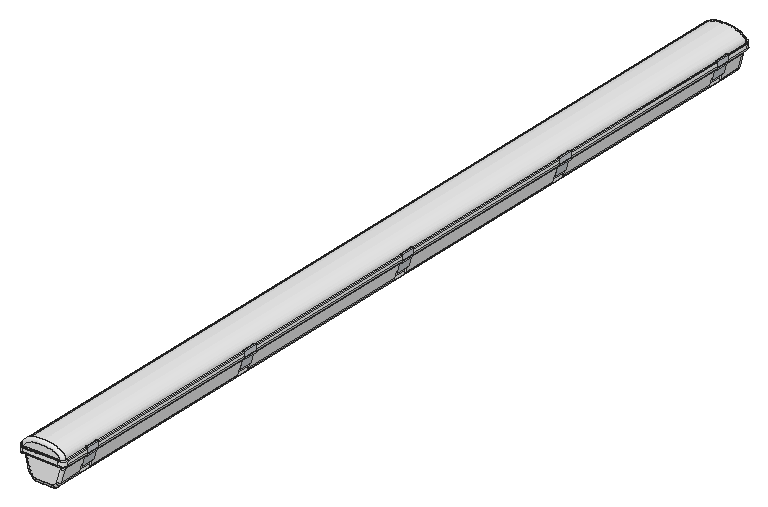
Revit family "0067985 Sylvania Lighting Fixture START Waterproof Single 1500 IP65 4000lm 865 QC", category Lighting Fixtures, host Face, Revit 2016
Family settings
  Host = Face
  Part Type = Normal
  Round Connector Dimension = Use Diameter
  OmniClass Number = 23.80.70.11.14
  OmniClass Title = General Luminaries, Directional
  Cut with Voids When Loaded = No
  Light Source = Yes
  Shared = No
  Room Calculation Point = No
Parameters (values of type "0067985 ST WTRPRF S 1500 IP65 4000LM 865 QC")
  Width = 84 mm
  Weight = "2.1 kg"
  Wattage Comments = "n/a"
  Wattage = 33 W
  WarrantyStartDate [instance] = "n/a"
  WarrantyGuarantorParts = "n/a"
  WarrantyDurationUnit = "n/a"
  WarrantyDurationParts = "n/a"
  WarrantyDescription = "n/a"
  built-in parameter 1150110 = 1 (stored number, unit not read)
  Voltage = 0 V
  URL = "http://www.sylvania-lighting.com"
  TypeName = "START Waterproof Single 1500 IP65 4000lm 865 QC"
  Type Image = <None>
  Type Comments = "n/a"
  built-in parameter 1114217 = 1 (stored number, unit not read)
  Tilt Angle = -90.00°
  built-in parameter 1150109 = 1 (stored number, unit not read)
  built-in parameter 1150134 = 1
  built-in parameter 1150113 = 1 (stored number, unit not read)
  SerialNumber [instance] = "n/a"
  ReflectorMaterial = none
  PowerFactor = 0
  PowerConsumption = "33 W"
  Photometric Web File = "0067985.ies"
  NominalWidth = 0 mm
  NominalLength = 1578 mm
  NominalHeight = 75 mm
  Name = "START Waterproof Single 1500 IP65 4000lm 865 QC"
  ModelReference = "START Waterproof Single 1500 IP65 4000lm 865 QC"
  ModelNumber = "0067985"
  Model = "START Waterproof Single 1500 IP65 4000lm 865 QC"
  Material = "polycarbonate housing, polycarbonate diffuser"
  ManufacturerName = "Feilo Sylvania"
  Manufacturer = "Feilo Sylvania"
  LuminousEfficacy = "119 lm/W"
  built-in parameter 1150105 = 312.5 (stored number, unit not read)
  Lumens = 3927 lm
  LuminaireType = ""
  built-in parameter 1150115 = 1 (stored number, unit not read)
  LightOutputRatio = "n/a"
  built-in parameter 1150137 = (empty or 0)
  built-in parameter 1150139 = (empty or 0)
  Length = 1572 mm
  LampsType = Lamp  # "LED"
  LampNominalLuminous = "3950 lm"
  LampMacAdamStep = "n/a"
  LampColourTemperature = "6500 K"
  LampColourRenderingIndex = "80"
  built-in parameter 1150112 = 1 (stored number, unit not read)
  built-in parameter 1150114 = 1 (stored number, unit not read)
  Lamp = "LED"
  Keynote = "16500"
  InstallationDate [instance] = "n/a"
  InputVoltage = "n/a"
  InputNominalFrequency = "n/a"
  built-in parameter 1150132 = (empty or 0)
  built-in parameter 1150102 = (empty or 0)
  built-in parameter 1150107 = 6500 (stored number, unit not read)
  built-in parameter 1150138 = (empty or 0)
  IngressProtection = "IP65"
  ImpactProtectionIndex = "IK08"
  built-in parameter 1150106 = 3.125 (stored number, unit not read)
  IfcExportType = "IfcLightFixtureType"
  IfcExportAs = "IfcLightFixtureType"
  ExpectedLife = 50000
  Emit from Rectangle Width = Width - 20 mm  # 64 mm
  Emit from Rectangle Length = Length - 20 mm  # 1552 mm
  Emit Shape Visible in Rendering = no
  ElectricShockClassification = "Class I"
  built-in parameter 1150104 = 11.055 (stored number, unit not read)
  DurationUnit = "hours"
  DocumentationLiterature = "http://www.sylvania-lighting.com/product/en-int/products/0067985"
  DimmingControlOptions = "n/a"
  Dimming Lamp Color Temperature Shift = <None>
  DiffuserMaterial = Diffuser-Sylvania-Transparent
  Description = ""
  Default Elevation = 1219.2 mm
  CreatedOn = "11/27/2018"
  CreatedBy = "@sylvania-lighting.com"
  Cost = 0
  Color Filter = 16777215
  built-in parameter 1114216 [instance] = (empty or 0)
  ClassificationValue = "EF_70_80"
  ClassificationName = "Uniclass2015"
  BodyMaterial = Body-Sylvania-Gray
  BarCode [instance] = "n/a"
  built-in parameter 1114218 = 1 (stored number, unit not read)
  built-in parameter 1150133 = 10 (stored number, unit not read)
  AssetType = "Fixed"
  AssetIdentifier [instance] = "n/a"
  Assembly Code = "D5020200"
  Apparent Load = 33 VA
  AccessoryMaterial = Diffuser-Sylvania-Glow
Reference planes
  plane 1 "Center (Front/Back)": y = 0
  plane 2: z = 0
  plane 3 "Center (Left/Right)": x = 0
  plane 4: z = 54
  plane 5: x = -14.7
  plane 6: x = -21.8
  plane 7: x = -26.6
  plane 8: x = -29.2
  plane 9: z = 3
  plane 10: z = 7.8
  plane 11: z = 12.3
  plane 12: z = 36.6
  plane 13: z = 42.8
  plane 14: x = -38.1
  plane 15: z = 46.2
  plane 16: x = -42
  plane 17: y = 786
  plane 18: y = -786
  plane 19: x = 14.7
  plane 20: x = 21.8
  plane 21: x = 26.6
  plane 22: x = 29.2
  plane 23: x = 38.1
  plane 24: x = 42
  plane 25: y = 778.4
  plane 26: y = -778.4
  plane 27: y = -774.7
  plane 28: y = 774.7
  plane 29: z = 74
  plane 30: x = -38.5
  plane 31: x = 38.5
  plane 32: z = 55.2
  plane 33: y = -782.5
  plane 34: y = 782.5
  plane 35: x = -24.5
  plane 36: x = 24.5
  plane 37: x = -35.7
  plane 38: x = 35.7
  plane 39: z = 50.2
  plane 40: z = 24.6
  plane 41: y = -720
  plane 42: y = -734
  plane 43: y = -706
  plane 44: y = 720
  plane 45: y = -720
  plane 46: y = -734
  plane 47: y = -706
  plane 48: y = 720
  plane 49: y = 706
  plane 50: y = 734
  plane 51: y = -360
  plane 52: y = -374
  plane 53: y = -346
  plane 54: y = 0
  plane 55: y = -14
  plane 56: y = 14
  plane 57: y = 360
  plane 58: y = 346
  plane 59: y = 374
Forms (mm)
  Sweep 1, solid, material "Body-Sylvania-Gray" <- "BodyMaterial", detail levels medium+fine
    path origin (1223.4, -4572, 54) x (0, -1, 0) y (1, 0, 0)
      loop
        arc (-3796, -1265.4) -> (-3788.929, -1262.471) -> (-3786, -1255.4) r 10
        line (-3786, -1255.4) -> (-3786, -1191.4)
        arc (-3786, -1191.4) -> (-3788.929, -1184.329) -> (-3796, -1181.4) r 10
        line (-3796, -1181.4) -> (-5348, -1181.4)
        arc (-5348, -1181.4) -> (-5355.071, -1184.329) -> (-5358, -1191.4) r 10
        line (-5358, -1191.4) -> (-5358, -1255.4)
        arc (-5358, -1255.4) -> (-5355.071, -1262.471) -> (-5348, -1265.4) r 10
        line (-5348, -1265.4) -> (-3796, -1265.4)
    profile origin (-42, 0, 54) x (-1, 0, 0) y (0, 0, 1)
      loop
        line (0, 0) -> (-1, 0) -> (-1, -7.726)
        arc (-1, -7.726) -> (-1.994, -9.498) -> (-3.9, -10.2) r 2.937
        line (-3.9, -10.2) -> (-8.571, -10.2) -> (-8.571, -11.2) -> (-3.9, -11.2)
        arc (-3.9, -11.2) -> (-1.313, -10.231) -> (0, -7.8) r 3.937
        line (0, -7.8) -> (0, 0)
  Sweep 2, solid, material "Body-Sylvania-Gray" <- "BodyMaterial", detail levels medium+fine
    path origin (0, 0, 0) x (1, 0, 0) y (0, 0, 1)
      loop
        line (35.7, 42.8) -> (35.7, 36.6) -> (29.203, 12.31)
        arc (29.203, 12.31) -> (28.199, 9.884) -> (26.6, 7.8) r 10.052
        line (26.6, 7.8) -> (21.8, 3)
        arc (21.8, 3) -> (18.554, 0.781) -> (14.7, 0) r 9.902
        line (14.7, 0) -> (0, 0) -> (-14.7, 0)
        arc (-14.7, 0) -> (-18.554, 0.781) -> (-21.8, 3) r 9.902
        line (-21.8, 3) -> (-26.6, 7.8)
        arc (-26.6, 7.8) -> (-28.199, 9.884) -> (-29.203, 12.31) r 10.052
        line (-29.203, 12.31) -> (-35.7, 36.6) -> (-35.7, 42.8)
    profile origin (0, 0, 0) x (0, 0, -1) y (0, -1, 0)
      loop
        arc (0, 773.4) -> (-1.464, 776.936) -> (-5, 778.4) r 5
        line (-5, 778.4) -> (-7.8, 778.4) -> (-7.8, -778.4) -> (-5, -778.4)
        arc (-5, -778.4) -> (-1.464, -776.936) -> (0, -773.4) r 5
        line (0, -773.4) -> (0, 773.4)
  Extrusion 3, solid, material "Body-Sylvania-Gray" <- "BodyMaterial", detail levels medium+fine
    sketch origin (1524, 778.4, 1219.2) x (1, 0, 0) y (0, 0, 1)
      loop
        arc (-1545.668, -1204.874) -> (-1545.443, -1205.418) -> (-1545.085, -1205.885) r 2.252
        line (-1545.085, -1205.885) -> (-1540.231, -1210.738)
        arc (-1540.231, -1210.738) -> (-1539.534, -1211.227) -> (-1538.7, -1211.4) r 2.102
        line (-1538.7, -1211.4) -> (-1509.3, -1211.4)
        arc (-1509.3, -1211.4) -> (-1508.466, -1211.227) -> (-1507.769, -1210.738) r 2.102
        line (-1507.769, -1210.738) -> (-1502.915, -1205.885)
        arc (-1502.915, -1205.885) -> (-1502.557, -1205.418) -> (-1502.332, -1204.874) r 2.252
        line (-1502.332, -1204.874) -> (-1496.1, -1181.575) -> (-1496.1, -1176.4) -> (-1551.9, -1176.4) -> (-1551.9, -1181.575) -> (-1545.668, -1204.874)
    from 0 to 1556.8
  Sweep 4, solid, material "Diffuser-Sylvania-Transparent" <- "DiffuserMaterial", detail levels medium+fine
    path origin (0, 0, 0) x (1, 0, 0) y (0, 0, 1)
      loop
        spline (-38.5, 55.2) -> (-37.188, 60.066) -> (-33.342, 64.6) -> (-27.224, 68.494) -> (-19.25, 71.481) -> (-9.965, 73.359) -> (0, 74) -> (9.965, 73.359) -> (19.25, 71.481) -> (27.224, 68.494) -> (33.342, 64.6) -> (37.188, 60.066) -> (38.5, 55.2)
    profile origin (38.5, 0, 55.2) x (0, -1, 0) y (1, 0, 0)
      loop
        arc (782.5, -5.5) -> (780.889, -1.611) -> (777, 0) r 5.5
        line (777, 0) -> (-777, 0)
        arc (-777, 0) -> (-780.889, -1.611) -> (-782.5, -5.5) r 5.5
        line (-782.5, -5.5) -> (-782.5, -6.3) -> (-781.5, -6.3) -> (-781.5, -5.5)
        arc (-781.5, -5.5) -> (-780.182, -2.318) -> (-777, -1) r 4.5
        line (-777, -1) -> (777, -1)
        arc (777, -1) -> (780.182, -2.318) -> (781.5, -5.5) r 4.5
        line (781.5, -5.5) -> (781.5, -6.347) -> (782.5, -6.347) -> (782.5, -5.5)
  Extrusion 5, solid, material "Diffuser-Sylvania-Transparent" <- "DiffuserMaterial", detail levels medium+fine
    sketch origin (1524, -782.5, 1219.2) x (1, 0, 0) y (0, 0, 1)
      loop
        line (-1556.653, -1164) -> (-1491.347, -1164)
        spline (-1491.347, -1164) -> (-1491.939, -1161.945) -> (-1494.434, -1159.066) -> (-1499.342, -1155.96) -> (-1506.338, -1153.35) -> (-1514.799, -1151.648) -> (-1524, -1151.047) -> (-1533.201, -1151.648) -> (-1541.662, -1153.35) -> (-1548.658, -1155.96) -> (-1553.566, -1159.066) -> (-1556.061, -1161.945) -> (-1556.653, -1164)
    from 0 to -1
  Extrusion 6, solid, material "Diffuser-Sylvania-Transparent" <- "DiffuserMaterial", detail levels medium+fine
    sketch origin (1524, 782.5, 1219.2) x (1, 0, 0) y (0, 0, 1)
      loop
        spline (-1491.3, -1164) -> (-1491.898, -1161.922) -> (-1494.404, -1159.03) -> (-1499.322, -1155.918) -> (-1506.325, -1153.305) -> (-1514.793, -1151.602) -> (-1524, -1151) -> (-1533.207, -1151.602) -> (-1541.675, -1153.305) -> (-1548.678, -1155.918) -> (-1553.596, -1159.03) -> (-1556.102, -1161.922) -> (-1556.7, -1164)
        line (-1556.7, -1164) -> (-1491.3, -1164)
    from 0 to 1
  Extrusion 7, solid, material "Diffuser-Sylvania-Glow" <- "AccessoryMaterial", detail levels fine
    sketch origin (0, 0, 0) x (1, 0, 0) y (0, 0, 1)
      loop
        circle (0, 50.2) r 8
    from -774.7 to 774.7
  Extrusion 8, void
    sketch origin (0, -720, 2343.807) x (0, 0, -1) y (-1, 0, 0)
      loop
        line (2340.807, -24.5) -> (2331.507, -24.5) -> (2319.207, -29.2) -> (2319.207, -35.7) -> (2340.807, -35.7) -> (2340.807, -24.5)
      loop
        line (2340.807, 24.5) -> (2340.807, 35.7) -> (2319.207, 35.7) -> (2319.207, 29.2) -> (2331.507, 24.5) -> (2340.807, 24.5)
    from 14 to -14
  Extrusion 9, void, not visible
    sketch origin (0, -720, 2343.807) x (0, 0, -1) y (-1, 0, 0)
      loop
        line (2340.807, -24.5) -> (2331.507, -24.5) -> (2319.207, -29.2) -> (2319.207, -35.7) -> (2340.807, -35.7) -> (2340.807, -24.5)
      loop
        line (2340.807, 24.5) -> (2340.807, 35.7) -> (2319.207, 35.7) -> (2319.207, 29.2) -> (2331.507, 24.5) -> (2340.807, 24.5)
    from 14 to -14
  Extrusion 10, void
    sketch origin (0, 720, 2343.807) x (0, 0, -1) y (-1, 0, 0)
      loop
        line (2340.807, -24.5) -> (2331.507, -24.5) -> (2319.207, -29.2) -> (2319.207, -35.7) -> (2340.807, -35.7) -> (2340.807, -24.5)
      loop
        line (2340.807, 24.5) -> (2340.807, 35.7) -> (2319.207, 35.7) -> (2319.207, 29.2) -> (2331.507, 24.5) -> (2340.807, 24.5)
    from 14 to -14
  Extrusion 11, void
    sketch origin (0, -360, 2343.807) x (0, 0, -1) y (-1, 0, 0)
      loop
        line (2340.807, -24.5) -> (2331.507, -24.5) -> (2319.207, -29.2) -> (2319.207, -35.7) -> (2340.807, -35.7) -> (2340.807, -24.5)
      loop
        line (2340.807, 24.5) -> (2340.807, 35.7) -> (2319.207, 35.7) -> (2319.207, 29.2) -> (2331.507, 24.5) -> (2340.807, 24.5)
    from 14 to -14
  Extrusion 12, void
    sketch origin (0, 0, 2343.807) x (0, 0, -1) y (-1, 0, 0)
      loop
        line (2340.807, -24.5) -> (2331.507, -24.5) -> (2319.207, -29.2) -> (2319.207, -35.7) -> (2340.807, -35.7) -> (2340.807, -24.5)
      loop
        line (2340.807, 24.5) -> (2340.807, 35.7) -> (2319.207, 35.7) -> (2319.207, 29.2) -> (2331.507, 24.5) -> (2340.807, 24.5)
    from 14 to -14
  Extrusion 13, void
    sketch origin (0, 360, 2343.807) x (0, 0, -1) y (-1, 0, 0)
      loop
        line (2340.807, -24.5) -> (2331.507, -24.5) -> (2319.207, -29.2) -> (2319.207, -35.7) -> (2340.807, -35.7) -> (2340.807, -24.5)
      loop
        line (2340.807, 24.5) -> (2340.807, 35.7) -> (2319.207, 35.7) -> (2319.207, 29.2) -> (2331.507, 24.5) -> (2340.807, 24.5)
    from 14 to -14
  Extrusion 14, solid, material "Diffuser-Sylvania-Transparent" <- "DiffuserMaterial", detail levels medium+fine
    sketch origin (1223.4, -4572, 54) x (0, -1, 0) y (-1, 0, 0)
      loop
        arc (-5348, 1265.4) -> (-5355.071, 1262.471) -> (-5358, 1255.4) r 10
        line (-5358, 1255.4) -> (-5358, 1191.4)
        arc (-5358, 1191.4) -> (-5355.071, 1184.329) -> (-5348, 1181.4) r 10
        line (-5348, 1181.4) -> (-3796, 1181.4)
        arc (-3796, 1181.4) -> (-3788.929, 1184.329) -> (-3786, 1191.4) r 10
        line (-3786, 1191.4) -> (-3786, 1255.4)
        arc (-3786, 1255.4) -> (-3788.929, 1262.471) -> (-3796, 1265.4) r 10
        line (-3796, 1265.4) -> (-5348, 1265.4)
      loop
        arc (-5354.5, 1190.394) -> (-5352.887, 1186.509) -> (-5349, 1184.9) r 5.5
        line (-5349, 1184.9) -> (-3795, 1184.9)
        arc (-3795, 1184.9) -> (-3791.113, 1186.509) -> (-3789.5, 1190.394) r 5.5
        line (-3789.5, 1190.394) -> (-3789.5, 1256.406)
        arc (-3789.5, 1256.406) -> (-3791.113, 1260.291) -> (-3795, 1261.9) r 5.5
        line (-3795, 1261.9) -> (-5349, 1261.9)
        arc (-5349, 1261.9) -> (-5352.887, 1260.291) -> (-5354.5, 1256.406) r 5.5
        line (-5354.5, 1256.406) -> (-5354.5, 1190.394)
    from 0 to -1.2
  Extrusion 15, solid, material "Body-Sylvania-Gray" <- "BodyMaterial", detail levels coarse
    sketch origin (0, 0, 0) x (1, 0, 0) y (0, 0, 1)
      loop
        line (-42, 55.2) -> (-42, 42.8) -> (-26.6, 0) -> (26.6, 0) -> (42, 42.8) -> (42, 55.2) -> (-42, 55.2)
    from -786 to 786
  Extrusion 16, solid, material "Diffuser-Sylvania-Transparent" <- "DiffuserMaterial", detail levels coarse
    sketch origin (0, 0, 0) x (1, 0, 0) y (0, 0, 1)
      loop
        line (-38.5, 55.2) -> (38.5, 55.2)
        arc (38.5, 55.2) -> (0, 74) -> (-38.5, 55.2) r 48.822
    from -778.4 to 778.4
Cuts and joins
  Extrusion 8, Extrusion 10, Extrusion 11, Extrusion 12, Extrusion 13 cuts Sweep 2
  Extrusion 8, Extrusion 10, Extrusion 11, Extrusion 12, Extrusion 13 cuts Extrusion 3
  joined: Sweep 2, Extrusion 3
  joined: Sweep 4, Extrusion 5, Extrusion 6, Extrusion 14
Dimensions and locks
  locked: plane 4 to plane 2 at 54
  plane 5 to plane 6 to plane 7 to plane 8 to plane 14 to plane 16 = 7.1 mm locked, 4.8 mm locked, 2.6 mm locked, 8.9 mm locked, 3.9 mm locked
  plane 4 to plane 15 to plane 13 to plane 12 to plane 11 to plane 10 to plane 9 = 7.8 mm locked, 3.4 mm, 6.2 mm locked, 24.3 mm locked, 4.5 mm locked, 4.8 mm locked
  equal spacing: plane 18, plane 1 "Center (Front/Back)", plane 17
  "Length": plane 18 to plane 17
  plane 19 to plane 20 to plane 21 to plane 22 to plane 23 to plane 24 = 7.1 mm locked, 4.8 mm locked, 2.6 mm locked, 8.9 mm, 3.9 mm
  equal spacing: plane 24, plane 3 "Center (Left/Right)", plane 16
  "Width": plane 24 to plane 16
  equal spacing: plane 27, plane 1 "Center (Front/Back)", plane 28
  locked: plane 26 to plane 27 at 3.7
  locked: Sweep 1 sketch curve to profile plane at 1
  locked: Sweep 1 sketch curve to plane 13 at 1
  locked: Sweep 1 sketch curve to plane 13 at 3.937  (x2)
  locked: Sweep 1 sketch curve to profile plane at 3.9  (x2)
  plane 29 to plane 4 = 20 mm
  equal spacing: plane 31, plane 3 "Center (Left/Right)", plane 30
  locked: plane 30 to plane 16 at 3.5
  locked: plane 32 to plane 4 at 1.2
  equal spacing: plane 33, plane 1 "Center (Front/Back)", plane 34
  equal spacing: plane 36, plane 3 "Center (Left/Right)", plane 35
  locked: plane 34 to plane 17 at 3.5
  equal spacing: plane 38, plane 3 "Center (Left/Right)", plane 37
  locked: plane 37 to plane 16 at 6.3
  equal spacing: plane 25, plane 1 "Center (Front/Back)", plane 26
  locked: plane 17 to plane 25 at 7.6
  locked: Sweep 2 sketch curve to plane 2 at 5  (x2)
  locked: Sweep 2 sketch curve to plane 26 at 5
  locked: plane 25 to Sweep 2 sketch curve at 5
  locked: Sweep 4 sketch curve to plane 31 at 5.5  (x2)
  locked: Sweep 4 sketch curve to plane 34 at 5.5
  plane 33 to Sweep 4 sketch curve = 5.5 mm
  locked: plane 34 to Sweep 4 sketch curve at 1
  locked: Sweep 4 sketch curve to plane 31 at 1
  locked: Sweep 4 sketch curve to Sweep 4 sketch curve at 1
  locked: Sweep 4 sketch curve to plane 31 at 6.347
  locked: Sweep 4 sketch curve to plane 31 at 6.3
  locked: plane 40 to plane 2 at 24.6
  locked: plane 6 to plane 35 at 2.7
  locked: plane 1 "Center (Front/Back)" to plane 41 at 720
  plane 43 to plane 41 to plane 42 = 14 mm locked, 14 mm locked
  locked: plane 44 to plane 1 "Center (Front/Back)" at 720
  plane 47 to plane 45 to plane 46 = 14 mm locked, 14 mm locked
  plane 50 to plane 48 to plane 49 = 14 mm locked, 14 mm locked  (x2)
  equal spacing: group 1, group 6, group 7, group 8, group 5  (x3)
  plane 53 to plane 51 to plane 52 = 14 mm locked, 14 mm locked  (x2)
  plane 56 to plane 54 to plane 55 = 14 mm locked, 14 mm locked  (x2)
  plane 59 to plane 57 to plane 58 = 14 mm locked, 14 mm locked  (x2)
  plane 48 to plane 57 to plane 1 "Center (Front/Back)" to plane 51 to plane 41 = 360 mm locked, 360 mm locked, 360 mm locked, 360 mm locked
  aligned and locked: plane 2 to host face
  aligned and locked: level to host face
  aligned and locked: plane 16 to Sweep 1 sketch curve
  aligned and locked: Sweep 1 sketch curve to plane 24
  aligned and locked: plane 18 to Sweep 1 sketch curve
  aligned and locked: Sweep 1 sketch curve to plane 13
  aligned and locked: profile plane to Sweep 1 sketch curve
  aligned and locked: plane 3 "Center (Left/Right)" to Sweep 2 sketch curve
  aligned and locked: plane 9 to Sweep 2 sketch curve
  aligned and locked: plane 10 to Sweep 2 sketch curve
  aligned and locked: plane 37 to Sweep 2 sketch curve
  aligned and locked: plane 12 to Sweep 2 sketch curve
  aligned and locked: Sweep 2 sketch curve to level
  aligned and locked: plane 21 to Sweep 2 sketch curve
  aligned and locked: plane 38 to Sweep 2 sketch curve
  aligned and locked: profile plane to Sweep 2 sketch curve
  aligned and locked: plane 25 to Sweep 2 sketch curve
  aligned and locked: Sweep 2 sketch curve to plane 10
  aligned and locked: Extrusion 3 sketch curve to Sweep 2  (x7)
  aligned and locked: Sweep 2 to Extrusion 3 sketch curve
  aligned and locked: Extrusion 3 to plane 25
  aligned and locked: plane 26 to Extrusion 3
  aligned and locked: plane 32 to Sweep 4 sketch curve
  aligned and locked: plane 33 to Sweep 4 sketch curve
  aligned and locked: Sweep 4 to Extrusion 5
  aligned and locked: plane 33 to Extrusion 5
  aligned and locked: plane 39 to Extrusion 7 sketch curve
  aligned and locked: plane 27 to Extrusion 7
  aligned and locked: Extrusion 7 to plane 28
  aligned and locked: Extrusion 6 sketch curve to Sweep 4
  aligned and locked: Extrusion 5 sketch curve to Sweep 4
  aligned and locked: Extrusion 8 to plane 43
  aligned and locked: plane 42 to Extrusion 8
  aligned and locked: Extrusion 10 to plane 50
  aligned and locked: plane 49 to Extrusion 10
  aligned and locked: Extrusion 11 to plane 53
  aligned and locked: plane 52 to Extrusion 11
  aligned and locked: Extrusion 12 to plane 56
  aligned and locked: plane 55 to Extrusion 12
  aligned and locked: Extrusion 13 to plane 59
  aligned and locked: plane 58 to Extrusion 13
  aligned and locked: plane 3 "Center (Left/Right)" to Extrusion 7 sketch curve
  aligned and locked: Extrusion 14 sketch curve to Sweep 1  (x4)
  aligned and locked: Extrusion 14 to plane 32
  aligned and locked: plane 4 to Extrusion 14
  aligned and locked: plane 48 to nested 1
  aligned and locked: plane 57 to nested 2
  aligned and locked: plane 54 to nested 3
  aligned and locked: nested 4 to plane 51
  aligned and locked: nested 5 to plane 41
  aligned and locked: plane 41 to nested 10
  aligned and locked: plane 51 to nested 9
  aligned and locked: plane 54 to nested 8
  aligned and locked: plane 57 to nested 7
  aligned and locked: plane 48 to nested 6
  aligned and locked: plane 1 "Center (Front/Back)" to imposter light
  aligned and locked: plane 3 "Center (Left/Right)" to imposter light
  aligned and locked: imposter light to plane 29
  aligned and locked: plane 7 to Extrusion 15 sketch curve
  aligned and locked: plane 2 to Extrusion 15 sketch curve
  aligned and locked: Extrusion 15 sketch curve to nested 6
  aligned and locked: Extrusion 15 sketch curve to nested 1
  aligned and locked: plane 18 to Extrusion 15
  aligned and locked: Extrusion 15 to plane 17
  aligned and locked: Extrusion 15 to Sweep 1  (x2)
  aligned and locked: plane 30 to Extrusion 16 sketch curve
  aligned and locked: plane 31 to Extrusion 16 sketch curve
  aligned and locked: Extrusion 16 sketch curve to cut or joined group of Sweep 4, Extrusion 5, Extrusion 6, Extrusion 14
  aligned and locked: Extrusion 16 to plane 25
  aligned and locked: plane 26 to Extrusion 16
Automatic sketch dimensions
  host sketch curve to host sketch curve = 2438.4 mm  (x2)
  plane 17 to Sweep 1 sketch curve = 0 mm
  Sweep 1 sketch curve to plane 28 = 1.3 mm
  Sweep 1 sketch curve to plane 7 = 5.4 mm
  plane 27 to Sweep 1 sketch curve = 1.3 mm  (x2)
  Sweep 1 sketch curve to Sweep 1 sketch curve = 4.671 mm
  Sweep 1 sketch curve to plane 4 = 0 mm
  Sweep 2 sketch curve to plane 7 = 0 mm
  Sweep 2 sketch curve to plane 6 = 0 mm
  Sweep 2 sketch curve to plane 5 = 0 mm
  plane 19 to Sweep 2 sketch curve = 0 mm
  Sweep 2 sketch curve to plane 9 = 0 mm
  plane 20 to Sweep 2 sketch curve = 0 mm
  Sweep 2 sketch curve to plane 12 = 0 mm
  Sweep 2 sketch curve to plane 10 = 0 mm
  Sweep 2 sketch curve to plane 13 = 0 mm  (x2)
  Sweep 2 sketch curve to plane 8 = 0.003 mm
  plane 6 to Sweep 2 sketch curve = 2.308 mm
  plane 20 to Sweep 2 sketch curve = 2.308 mm
  Sweep 2 sketch curve to plane 22 = 0.003 mm
  Sweep 2 sketch curve to plane 11 = 0.01 mm  (x2)
  Extrusion 3 sketch curve to plane 5 = 0 mm
  plane 19 to Extrusion 3 sketch curve = 0 mm
  plane 6 to Extrusion 3 sketch curve = 0.132 mm
  plane 6 to Extrusion 3 sketch curve = 0.715 mm
  Extrusion 3 sketch curve to Extrusion 3 sketch curve = 1.592 mm
  Extrusion 3 sketch curve to plane 10 = 0.662 mm  (x2)
  plane 20 to Extrusion 3 sketch curve = 2.308 mm
  plane 20 to Extrusion 3 sketch curve = 0.715 mm
  plane 20 to Extrusion 3 sketch curve = 0.132 mm
  Sweep 4 sketch curve to plane 30 = 0 mm
  Sweep 4 sketch curve to plane 3 "Center (Left/Right)" = 0 mm
  Sweep 4 sketch curve to Sweep 4 sketch curve = 0 mm  (x2)
  plane 37 to Extrusion 6 sketch curve = 3 mm
  Extrusion 6 sketch curve to plane 38 = 3 mm
  plane 37 to Extrusion 5 sketch curve = 3.047 mm
  Extrusion 5 sketch curve to plane 38 = 3.047 mm
  Extrusion 8 sketch curve to Extrusion 8 sketch curve = 0 mm
  Extrusion 8 sketch curve to Extrusion 8 sketch curve = 12.3 mm  (x2)
  Extrusion 8 sketch curve to Extrusion 8 sketch curve = 9.3 mm  (x2)
  Extrusion 8 sketch curve to Extrusion 8 sketch curve = 6.5 mm  (x2)
  Extrusion 8 sketch curve to Extrusion 8 sketch curve = 4.7 mm  (x2)
  Extrusion 8 sketch curve to Extrusion 8 sketch curve = 49 mm
  Extrusion 9 sketch curve to Extrusion 9 sketch curve = 0 mm
  Extrusion 9 sketch curve to Extrusion 9 sketch curve = 12.3 mm  (x2)
  Extrusion 9 sketch curve to Extrusion 9 sketch curve = 9.3 mm  (x2)
  Extrusion 9 sketch curve to Extrusion 9 sketch curve = 6.5 mm  (x2)
  Extrusion 9 sketch curve to Extrusion 9 sketch curve = 4.7 mm  (x2)
  Extrusion 9 sketch curve to Extrusion 9 sketch curve = 49 mm
  Extrusion 10 sketch curve to Extrusion 10 sketch curve = 0 mm
  Extrusion 10 sketch curve to Extrusion 10 sketch curve = 12.3 mm  (x2)
  Extrusion 10 sketch curve to Extrusion 10 sketch curve = 9.3 mm  (x2)
  Extrusion 10 sketch curve to Extrusion 10 sketch curve = 6.5 mm  (x2)
  Extrusion 10 sketch curve to Extrusion 10 sketch curve = 4.7 mm  (x2)
  Extrusion 10 sketch curve to Extrusion 10 sketch curve = 49 mm
  Extrusion 11 sketch curve to Extrusion 11 sketch curve = 0 mm
  Extrusion 11 sketch curve to Extrusion 11 sketch curve = 12.3 mm  (x2)
  Extrusion 11 sketch curve to Extrusion 11 sketch curve = 9.3 mm  (x2)
  Extrusion 11 sketch curve to Extrusion 11 sketch curve = 6.5 mm  (x2)
  Extrusion 11 sketch curve to Extrusion 11 sketch curve = 4.7 mm  (x2)
  Extrusion 11 sketch curve to Extrusion 11 sketch curve = 49 mm
  Extrusion 12 sketch curve to Extrusion 12 sketch curve = 0 mm
  Extrusion 12 sketch curve to Extrusion 12 sketch curve = 12.3 mm  (x2)
  Extrusion 12 sketch curve to Extrusion 12 sketch curve = 9.3 mm  (x2)
  Extrusion 12 sketch curve to Extrusion 12 sketch curve = 6.5 mm  (x2)
  Extrusion 12 sketch curve to Extrusion 12 sketch curve = 4.7 mm  (x2)
  Extrusion 12 sketch curve to Extrusion 12 sketch curve = 49 mm
  Extrusion 13 sketch curve to Extrusion 13 sketch curve = 0 mm
  Extrusion 13 sketch curve to Extrusion 13 sketch curve = 12.3 mm  (x2)
  Extrusion 13 sketch curve to Extrusion 13 sketch curve = 9.3 mm  (x2)
  Extrusion 13 sketch curve to Extrusion 13 sketch curve = 6.5 mm  (x2)
  Extrusion 13 sketch curve to Extrusion 13 sketch curve = 4.7 mm  (x2)
  Extrusion 13 sketch curve to Extrusion 13 sketch curve = 49 mm
  Extrusion 14 sketch curve to plane 34 = 0 mm
  plane 30 to Extrusion 14 sketch curve = 0 mm
  Extrusion 14 sketch curve to plane 31 = 0 mm
  plane 33 to Extrusion 14 sketch curve = 0 mm
  plane 25 to Extrusion 14 sketch curve = 1.4 mm  (x4)
  Extrusion 14 sketch curve to plane 26 = 1.4 mm  (x4)
  plane 37 to Extrusion 14 sketch curve = 2.694 mm  (x2)
  Extrusion 14 sketch curve to plane 38 = 2.694 mm  (x2)
  plane 21 to Extrusion 15 sketch curve = 0 mm
  Extrusion 15 sketch curve to plane 13 = 0 mm  (x2)
  Extrusion 15 sketch curve to plane 32 = 0 mm
  Extrusion 16 sketch curve to plane 40 = 0.578 mm
  radius of Extrusion 7 sketch curve = 8 mm
Nested families
  nested 1: "Clip" at (-29.2, 720, 24.6) x (-1, 0, 0) z (0, 0, 1), type "Clip", detail levels fine
  nested 2: "Clip" at (-29.2, 360, 24.6) x (-1, 0, 0) z (0, 0, 1), type "Clip", detail levels fine
  nested 3: "Clip" at (-29.2, 0, 24.6) x (-1, 0, 0) z (0, 0, 1), type "Clip", detail levels fine
  nested 4: "Clip" at (-29.2, -360, 24.6) x (-1, 0, 0) z (0, 0, 1), type "Clip", detail levels fine
  nested 5: "Clip" at (-29.2, -720, 24.6) x (-1, 0, 0) z (0, 0, 1), type "Clip", detail levels fine
  nested 6: "Clip" at (29.2, 720, 24.6), type "Clip", detail levels fine
  nested 7: "Clip" at (29.2, 360, 24.6), type "Clip", detail levels fine
  nested 8: "Clip" at (29.2, 0, 24.6), type "Clip", detail levels fine
  nested 9: "Clip" at (29.2, -360, 24.6), type "Clip", detail levels fine
  nested 10: "Clip" at (29.2, -720, 24.6), type "Clip", detail levels fine
Connectors
  electrical at (0, 0, 0), driven by "Apparent Load"
    settings: index 1, voltage 230 V, apparent load 33 VA, apparent load phase1 0 VA, apparent load phase2 0 VA, apparent load phase3 0 VA, power factor 0, load classification "Lighting", number of poles 1, system type 30, power factor state 1, is connector primary yes, connector utility no, sub classification motor no, connector description ""
Definition of nested family "Clip"
  Parameters (values of type "Clip")
    URL = "http://www.feilosylvania.com"
    Type Comments = "n/a"
    Model = "n/a"
    Manufacturer = "Feilo Sylvania"
    Keynote = "n/a"
    Description = "n/a"
    Default Elevation = 1219.2 mm
    Cost = 0
    BodyMaterial = none
    Assembly Code = "n/a"
  Reference planes
    plane 1 "Center (Front/Back)": y = 0
    plane 2: z = 0
    plane 3 "Center (Left/Right)": x = 0
    plane 4: x = 3.3
    plane 5: x = 6.5
    plane 6: x = 8.9
    plane 7: x = 12.8
    plane 8: z = 12
    plane 9: z = 18.2
    plane 10: z = 21.6
    plane 11: z = 30.6
    plane 12: x = 9.3
    plane 13: z = 19.2
    plane 14: z = 16.2
    plane 15: x = 10.1
    plane 16: y = 12
    plane 17: y = -12
  Forms (mm)
    Extrusion 1, solid
      sketch origin (-0.8, 0, 0) x (1, 0, 0) y (0, 1, 0)
        loop
          line (-1219.2, 1219.2) -> (-1219.2, -1219.2) -> (1219.2, -1219.2) -> (1219.2, 1219.2) -> (-1219.2, 1219.2)
      from 0 to -304.8
    Extrusion 2, solid
      sketch origin (0, 0, 0) x (1, 0, 0) y (0, 0, 1)
        loop
          line (8.9, 16.2) -> (4.58, 0) -> (0, 0) -> (0, -0.8) -> (5.195, -0.8) -> (9.603, 15.731) -> (13.6, 18.806) -> (13.6, 30.6)
          arc (13.6, 30.6) -> (11.45, 32.75) -> (9.3, 30.6) r 2.15
          line (9.3, 30.6) -> (10.1, 30.6)
          arc (10.1, 30.6) -> (11.45, 31.95) -> (12.8, 30.6) r 1.35
          line (12.8, 30.6) -> (12.8, 19.2) -> (8.9, 16.2)
      from -12 to 12
  Lines and regions (mm)
    reference lines
      curve 1: line (3.3, 0, 0) -> (6.5, 0, 12)
      curve 2: arc (8.9, 0, 18.2) -> (11.488, 0, 19.169) -> (12.8, 0, 21.6) r 3.934
  Dimensions and locks
    plane 7 to plane 6 to plane 5 to plane 4 to plane 3 "Center (Left/Right)" = 3.9 mm locked, 2.4 mm locked, 3.2 mm locked, 3.3 mm locked
    plane 11 to plane 10 to plane 9 to plane 8 to plane 2 = 9 mm locked, 3.4 mm locked, 6.2 mm locked, 12 mm locked
    locked: plane 7 to plane 12 at 3.5
    locked: plane 13 to plane 9 at 1
    locked: plane 9 to plane 14 at 2
    locked: plane 15 to plane 12 at 0.8
    locked: plane 2 to Extrusion 2 sketch curve at 0.8
    locked: Extrusion 2 sketch curve to Extrusion 2 sketch curve at 0.8  (x3)
    locked: plane 7 to Extrusion 2 sketch curve at 1.35
    equal spacing: plane 17, plane 1 "Center (Front/Back)", plane 16
    locked: plane 1 "Center (Front/Back)" to plane 16 at 12
    aligned and locked: plane 2 to Extrusion 1
    aligned and locked: level to Extrusion 1
    aligned and locked: plane 4 to curve 1
    aligned and locked: plane 5 to curve 1
    aligned and locked: plane 6 to curve 2
    aligned and locked: plane 10 to curve 2
    aligned and locked: plane 14 to Extrusion 2 sketch curve
    aligned and locked: plane 13 to Extrusion 2 sketch curve
    aligned and locked: plane 7 to Extrusion 2 sketch curve
    aligned and locked: plane 3 "Center (Left/Right)" to Extrusion 2 sketch curve
    aligned and locked: Extrusion 2 sketch curve to level
    aligned and locked: Extrusion 2 sketch curve to plane 11
    aligned and locked: plane 11 to Extrusion 2 sketch curve
    aligned and locked: Extrusion 2 to plane 16
    aligned and locked: plane 17 to Extrusion 2
  Automatic sketch dimensions
    Extrusion 1 sketch curve to Extrusion 1 sketch curve = 2438.4 mm  (x2)
    curve 2 to plane 7 = 0 mm
    curve 1 to level = 0 mm
    curve 1 to plane 8 = 0 mm
    curve 2 to plane 9 = 0 mm
    plane 6 to curve 2 = 0.002 mm
    Extrusion 2 sketch curve to Extrusion 2 sketch curve = 0 mm
    Extrusion 2 sketch curve to plane 6 = 0 mm
    plane 4 to Extrusion 2 sketch curve = 1.28 mm
